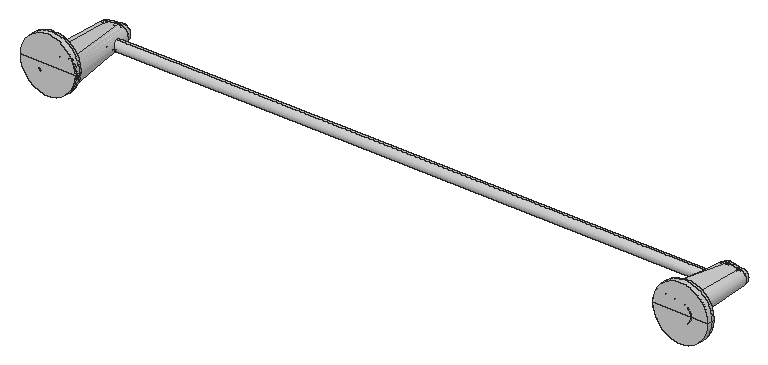
Revit family "PL6100001_Palermo Kit accesorios Toallero Barra", category Generic Models, host Wall, Revit 2019
Family settings
  Host = Wall
  Can host rebar = No
  Round Connector Dimension = Use Diameter
  Part Type = Normal
  OmniClass Number = 23.31.25.25
  OmniClass Title = Towel Bars
  Always vertical = Yes
  Cut with Voids When Loaded = No
  Shared = No
  Room Calculation Point = No
Parameters (values of type "Type 1")
  Temperatura de uso = "De 4o C a 40o C (40o F y 104o F)"  # constant formula
  Resistencia del accesorio = "25 Kg"  # constant formula
  Profundidad = 80.19 mm
  Material = Cromo-Corona
  Manufacturer = "Corona"  # constant formula
  Fecha de creación = "10/08/2020"  # constant formula
  Creado por = "IDD"  # constant formula
  Ancho = 675 mm
  Alto = 55 mm
Reference planes
  plane 1 "Wall": y = 0
  plane 2 "Center (Left/Right)": x = 125
  plane 3 "Back": y = 75
  plane 4: x = 462.5
  plane 5: x = -212.5
  plane 6: z = 316.36
  plane 7: z = 261.36
  plane 8: y = 155.19
Forms (mm)
  Revolve 1, solid, material "Cromo-Corona" <- "Material", detail levels medium+fine
    sketch origin (-183.5, 75, 288.735) x (-1, 0, 0) y (0, -1, 0)
      loop
        line (2, 0) -> (2, -10.016) -> (17.089, -10.016) -> (23.992, -10.016)
        arc (23.992, -10.016) -> (27.533, -8.55) -> (29, -5.008) r 5.008
        line (29, -5.008) -> (29, 0) -> (2, 0)
      axis (2, -10.016) -> (2, 0)
    angle from 0 to 360
  Blend 2, solid, material "Cromo-Corona" <- "Material", detail levels medium+fine
    base sketch origin (-183.5, 135, 288.735) x (1, 0, 0) y (0, 0, -1)
      loop
        arc (21.419, -13.437) -> (25, 0) -> (21.419, 13.437) r 27
        line (21.419, 13.437) -> (-2, 10)
        arc (-2, 10) -> (-12, 0) -> (-2, -10) r 10
        line (-2, -10) -> (21.419, -13.437)
    top sketch origin (-183.5, 135, 288.735) x (1, 0, 0) y (0, 0, -1)
      loop
        arc (10.366, -8.712) -> (19.078, 0) -> (10.366, 8.712) r 8.712
        line (10.366, 8.712) -> (-1.8, 6.997)
        arc (-1.8, 6.997) -> (-9, 0) -> (-1.8, -6.997) r 7
        line (-1.8, -6.997) -> (10.366, -8.712)
    from -60 to 11.714
  Revolve 3, solid, material "Cromo-Corona" <- "Material", detail levels medium+fine
    sketch origin (-183.5, 146.714, 288.735) x (1, 0, 0) y (0, 0, -1)
      loop
        line (10.366, 8.712) -> (10.366, -8.712)
        arc (10.366, -8.712) -> (19.078, 0) -> (10.366, 8.712) r 8.712
      axis (10.366, -8.712) -> (10.366, 8.712)
    angle from 0 to 360
  Revolve 4, solid, material "Cromo-Corona" <- "Material", detail levels medium+fine
    sketch origin (-183.5, 146.714, 288.735) x (1, 0, 0) y (0, 0, -1)
      loop
        line (-1.8, -6.997) -> (-1.8, 6.997)
        arc (-1.8, 6.997) -> (-9, 0) -> (-1.8, -6.997) r 7
      axis (-1.8, -6.997) -> (-1.8, 6.997)
    angle from 0 to 360
  Blend 5, solid, material "Cromo-Corona" <- "Material", detail levels medium+fine
    base sketch origin (-183.3, 156.759, 288.735) x (0, -1, 0) y (0, 0, -1)
      loop
        arc (10, 6.997) -> (2.8, 0) -> (10, -6.997) r 7
        line (10, -6.997) -> (10, 6.997)
    top sketch origin (-183.3, 156.759, 288.735) x (0, -1, 0) y (0, 0, -1)
      loop
        line (10, -8.712) -> (10, 8.712)
        arc (10, 8.712) -> (1.288, 0) -> (10, -8.712) r 8.712
    from 0 to 12.167
  Revolve 6, solid, material "Cromo-Corona" <- "Material", detail levels medium+fine
    sketch origin (433.5, 75, 288.735) x (1, 0, 0) y (0, 1, 0)
      loop
        line (2, 0) -> (29, 0) -> (29, 5.008)
        arc (29, 5.008) -> (27.533, 8.55) -> (23.992, 10.016) r 5.008
        line (23.992, 10.016) -> (17.089, 10.016) -> (2, 10.016) -> (2, 0)
      axis (2, 10.016) -> (2, 0)
    angle from 0 to 360
  Blend 7, solid, material "Cromo-Corona" <- "Material", detail levels medium+fine
    base sketch origin (433.5, 135, 288.735) x (-1, 0, 0) y (0, 0, 1)
      loop
        line (21.419, 13.437) -> (-2, 10)
        arc (-2, 10) -> (-12, 0) -> (-2, -10) r 10
        line (-2, -10) -> (21.419, -13.437)
        arc (21.419, -13.437) -> (25, 0) -> (21.419, 13.437) r 27
    top sketch origin (433.5, 135, 288.735) x (-1, 0, 0) y (0, 0, 1)
      loop
        line (10.366, 8.712) -> (-1.8, 6.997)
        arc (-1.8, 6.997) -> (-9, 0) -> (-1.8, -6.997) r 7
        line (-1.8, -6.997) -> (10.366, -8.712)
        arc (10.366, -8.712) -> (19.078, 0) -> (10.366, 8.712) r 8.712
    from -60 to 11.714
  Revolve 8, solid, material "Cromo-Corona" <- "Material", detail levels medium+fine
    sketch origin (433.5, 146.714, 288.735) x (-1, 0, 0) y (0, 0, 1)
      loop
        arc (10.366, -8.712) -> (19.078, 0) -> (10.366, 8.712) r 8.712
        line (10.366, 8.712) -> (10.366, -8.712)
      axis (10.366, 8.712) -> (10.366, -8.712)
    angle from 0 to 360
  Revolve 9, solid, material "Cromo-Corona" <- "Material", detail levels medium+fine
    sketch origin (433.5, 146.714, 288.735) x (-1, 0, 0) y (0, 0, 1)
      loop
        arc (-1.8, 6.997) -> (-9, 0) -> (-1.8, -6.997) r 7
        line (-1.8, -6.997) -> (-1.8, 6.997)
      axis (-1.8, 6.997) -> (-1.8, -6.997)
    angle from 0 to 360
  Blend 10, solid, material "Cromo-Corona" <- "Material", detail levels medium+fine
    base sketch origin (433.3, 156.759, 288.735) x (0, -1, 0) y (0, 0, 1)
      loop
        line (10, -6.997) -> (10, 6.997)
        arc (10, 6.997) -> (2.8, 0) -> (10, -6.997) r 7
    top sketch origin (433.3, 156.759, 288.735) x (0, -1, 0) y (0, 0, 1)
      loop
        arc (10, 8.712) -> (1.288, 0) -> (10, -8.712) r 8.712
        line (10, -8.712) -> (10, 8.712)
    from 0 to 12.167
  Sweep 11, solid, material "Cromo-Corona" <- "Material", detail levels medium+fine
    path origin (433.5, 132.506, 288.735) x (-1, 0, 0) y (0, 0, 1)
      loop
        line (606.634, 0) -> (10.366, 0)
    profile origin (125, 132.506, 288.735) x (0, 0, -1) y (0, 1, 0)
      loop
        circle (0, 0) r 5
  Extrusion 12, solid, material "Cromo-Corona" <- "Material", detail levels coarse
    sketch origin (0, 0, 0) x (1, 0, 0) y (0, 0, 1)
      loop
        line (462.5, 316.36) -> (-212.5, 316.36) -> (-212.5, 261.36) -> (462.5, 261.36) -> (462.5, 316.36)
    from -155.19 to -75
Lines and regions (mm)
  model lines
    curve 1: line (462.5, 0, 288.735) -> (-212.5, 0, 288.735)
Text (mm)
  text "Placement Side" at (-1848.837, 1116.779, 0), in view "Ref. Level"
  text "Placement side" at (0, 1409.804, 2854.306), in view "Left"
  text "Placement side" at (0, 499.811, 2980.732), in view "Right"
Dimensions and locks
  locked: plane 3 "Back" to host wall
  "Ancho": plane 4 to plane 5
  equal spacing: plane 4, plane 2 "Center (Left/Right)", plane 5
  "Alto": plane 7 to plane 6
  "Profundidad": plane 8 to plane 3 "Back"
  aligned and locked: plane 1 "Wall" to host wall
Automatic sketch dimensions
  Revolve 1 sketch curve to host wall = 0 mm
  Revolve 1 sketch curve to plane 5 = 0 mm
  Revolve 1 sketch curve to Revolve 1 sketch curve = 5.008 mm  (x2)
  Revolve 1 sketch curve to Revolve 1 sketch curve = 6.903 mm
  Revolve 1 sketch curve to Revolve 1 sketch curve = 15.089 mm
  Revolve 1 sketch curve to Revolve 1 sketch curve = 0 mm
  Revolve 1 sketch curve to Revolve 1 sketch curve = 3.933 mm
  Revolve 1 sketch curve to host wall = 3.465 mm
  Blend 2 sketch curve to Blend 2 sketch curve = 0 mm  (x2)
  plane 5 to Blend 2 sketch curve = 27 mm  (x2)
  Blend 2 sketch curve to Blend 2 sketch curve = 23.419 mm  (x2)
  level to Blend 2 sketch curve = 302.172 mm
  Blend 2 sketch curve to Blend 2 sketch curve = 3.437 mm
  Blend 2 sketch curve to Blend 2 sketch curve = 10 mm
  Blend 2 sketch curve to Blend 2 sketch curve = 0.2 mm  (x2)
  Blend 2 sketch curve to Blend 2 sketch curve = 12.167 mm
  level to Blend 2 sketch curve = 297.447 mm
  Blend 2 sketch curve to Blend 2 sketch curve = 1.715 mm
  Blend 2 sketch curve to Blend 2 sketch curve = 8.712 mm
  Blend 2 sketch curve to Blend 2 sketch curve = 6.997 mm
  Blend 2 to Revolve 3 sketch curve = 0 mm
  Revolve 3 sketch curve to Blend 2 = 0 mm
  Revolve 3 sketch curve to Revolve 3 sketch curve = 0 mm
  Blend 2 to Revolve 4 sketch curve = 0 mm  (x2)
  Revolve 4 sketch curve to Blend 2 = 0 mm
  Revolve 4 sketch curve to Revolve 4 sketch curve = 0 mm
  host wall to Blend 5 sketch curve = 71.958 mm
  Blend 5 sketch curve to Blend 5 sketch curve = 0.2 mm
  level to Blend 5 sketch curve = 295.732 mm
  Blend 5 sketch curve to Blend 5 sketch curve = 6.997 mm
  host wall to Blend 5 sketch curve = 71.759 mm
  level to Blend 5 sketch curve = 297.447 mm
  Blend 5 sketch curve to Blend 5 sketch curve = 8.712 mm
  Revolve 6 sketch curve to host wall = 0 mm
  Revolve 6 sketch curve to plane 4 = 0 mm
  Revolve 6 sketch curve to Revolve 6 sketch curve = 5.008 mm
  Revolve 6 sketch curve to Revolve 6 sketch curve = 6.903 mm
  Revolve 6 sketch curve to Revolve 6 sketch curve = 15.089 mm
  host wall to Revolve 6 sketch curve = 5.008 mm
  Revolve 6 sketch curve to Revolve 6 sketch curve = 0 mm
  Revolve 6 sketch curve to host wall = 3.465 mm
  Revolve 6 sketch curve to Revolve 6 sketch curve = 3.933 mm
  Blend 7 sketch curve to Blend 7 sketch curve = 0 mm  (x2)
  Blend 7 sketch curve to plane 4 = 27 mm  (x2)
  Blend 7 sketch curve to Blend 7 sketch curve = 23.419 mm  (x2)
  level to Blend 7 sketch curve = 275.298 mm
  Blend 7 sketch curve to Blend 7 sketch curve = 3.437 mm
  Blend 7 sketch curve to Blend 7 sketch curve = 10 mm
  Blend 7 sketch curve to Blend 7 sketch curve = 0.2 mm  (x2)
  Blend 7 sketch curve to Blend 7 sketch curve = 12.167 mm
  level to Blend 7 sketch curve = 280.023 mm
  Blend 7 sketch curve to Blend 7 sketch curve = 1.715 mm
  Blend 7 sketch curve to Blend 7 sketch curve = 6.997 mm
  Blend 7 sketch curve to Blend 7 sketch curve = 8.712 mm
  Revolve 8 sketch curve to Blend 7 = 0 mm  (x2)
  Revolve 8 sketch curve to Revolve 8 sketch curve = 0 mm
  Revolve 9 sketch curve to Blend 7 = 0 mm  (x3)
  Revolve 9 sketch curve to Revolve 9 sketch curve = 0 mm
  host wall to Blend 10 sketch curve = 71.958 mm
  Blend 10 sketch curve to Blend 10 sketch curve = 0.2 mm
  level to Blend 10 sketch curve = 281.738 mm
  Blend 10 sketch curve to Blend 10 sketch curve = 6.997 mm
  host wall to Blend 10 sketch curve = 71.759 mm
  level to Blend 10 sketch curve = 280.023 mm
  Blend 10 sketch curve to Blend 10 sketch curve = 8.712 mm
  Sweep 11 sketch curve to plane 4 = 39.366 mm
  level to Sweep 11 sketch curve = 288.735 mm
  plane 5 to Sweep 11 sketch curve = 39.366 mm
  Sweep 11 sketch curve to profile plane = 0 mm  (x2)
  curve 1 to plane 5 = 0 mm
  curve 1 to plane 4 = 0 mm
  level to curve 1 = 288.735 mm
  Extrusion 12 sketch curve to plane 5 = 0 mm
  Extrusion 12 sketch curve to plane 4 = 0 mm
  Extrusion 12 sketch curve to plane 7 = 0 mm
  Extrusion 12 sketch curve to plane 6 = 0 mm
  radius of Revolve 3 sketch curve to Blend 2 = 0 mm
  radius of Revolve 4 sketch curve to Blend 2 = 0 mm
  radius of Revolve 8 sketch curve to Blend 7 = 0 mm
  radius of Revolve 9 sketch curve to Blend 7 = 0 mm
  radius of Sweep 11 sketch curve = 5 mm
